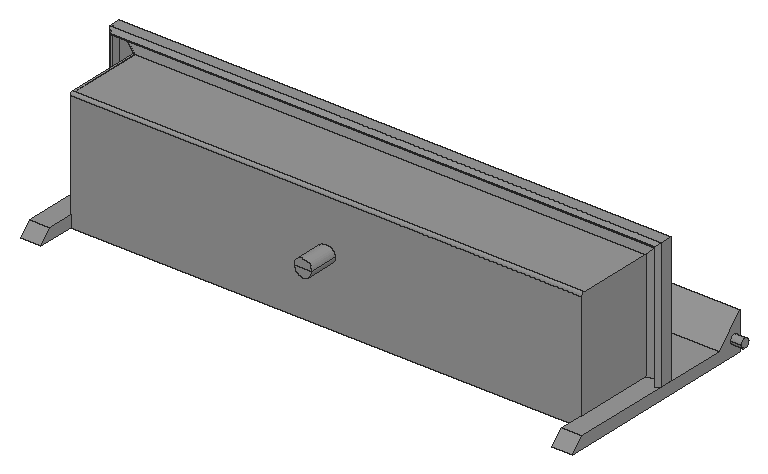
Revit family "Urinal-Willoughby-1800-UW-FA-RS", category Plumbing Fixtures, host Face, Revit 2014
Parameters (values of type "1848")
  Width = 4' - 0"
  Waste DIA = 1 1/2"
  Waste Connection = yes
  Vent Connection = no
  URL = "willoughby-ind.com"
  Trough Width = Width - 0' 3 1/2"  # 3' - 8 1/2"
  Revision = "A"
  Model = "UW-1836-FA-RS"
  Manufacturer = "Willoughby Industries"
  Half Width = Width / 2  # 2' - 0"
  HW Connection = no
  Fixture Body = Stainless Steel AISI 304-Willoughby(2)
  Description = "48\" Trough Urinal"
  Default Elevation = 0' - 0"
  Contact = "800-428-4065"
  CW inlet Diameter = 3/4"
  CW Connection = yes
  96" = no
  72" = no
  60" = no
  48" = yes
  36" = no
Types (6): name | Width | Trough Width | Model | Half Width | Fixture Body | Description | CW inlet Diameter | 96" | 72" | 60" | 48" | 36"
  (no name) | 4' - 0" | 3' - 8 1/2" | "UW-1836-FA-RS" | 2' - 0" | Stainless Steel AISI 304-Willoughby(2) | "48\" Trough Urinal" | 3/4" | no | no | no | yes | no
  1848 | 4' - 0" | 3' - 8 1/2" | "UW-1836-FA-RS" | 2' - 0" | Stainless Steel AISI 304-Willoughby(2) | "48\" Trough Urinal" | 3/4" | no | no | no | yes | no
  1836 | 3' - 0" | 2' - 8 1/2" | "UW-1836-FA-RS" | 1' - 6" | Stainless Steel AISI 304-Willoughby(3) | "36\" Trough Urinal" | 3/4" | no | no | no | no | yes
  1860 | 5' - 0" | 4' - 8 1/2" | "UW-1836-FA-RS" | 2' - 6" | Stainless Steel AISI 304-Willoughby(1) | "60\" Trough Urinal" | 3/4" | no | no | yes | no | no
  1872 | 6' - 0" | 5' - 8 1/2" | "UW-1836-FA-RS" | 3' - 0" | Stainless Steel AISI 304-Willoughby | "72\" Trough Urinal" | 1 1/2" | no | yes | no | no | no
  1896 | 8' - 0" | 7' - 8 1/2" | "UW-1836-FA-TS-RS" | 4' - 0" | Stainless Steel AISI 304-Willoughby(4) | "96\" Trough Urinal" | 1 1/2" | yes | no | no | no | no
Reference planes (in)
  plane 1 "Center (Front/Back)Floor Level": y = 0
  plane 2: z = 0
  plane 3 "Center (Left/Right)": x = 0
  plane 4 "Top Of Urinal": y = 20
  plane 5 "Top Of Unit": y = 28
  plane 6 "Botto Of Unit": y = 13
  plane 7 "Left extent": x = -24
  plane 8 "Right Extent": x = 24
  plane 9: z = 10.5
  plane 10: x = 22.25
  plane 11: x = -22.25
  plane 12 "Drain Center": z = 5.75
  plane 13 "top spud": z = 2.5
  plane 14: x = -22.15625
  plane 15: x = 25
Forms (in)
  Extrusion 1, solid, material "Stainless Steel AISI 304-Willoughby(2)" <- "Fixture Body"
    sketch origin (0, 0, 0) x (0, 1, 0) y (0, 0, 1)
      loop
        line (13, 0) -> (28, 0) -> (28, 3.25) -> (25.75, 1) -> (13, 1) -> (13, 0)
    from -24 to 24
  Extrusion 2, solid, material "Stainless Steel AISI 304-Willoughby(2)" <- "Fixture Body"
    sketch origin (0, 0, 0) x (0, 1, 0) y (0, 0, 1)
      loop
        line (20, 1) -> (20, 10.5) -> (13.25, 10.5)
        arc (13.25, 10.5) -> (13.07322, 10.42678) -> (13, 10.25) r 0.25
        line (13, 10.25) -> (13, 1) -> (20, 1)
    from -22.25 to 22.25
  Sweep 3, solid, material "Stainless Steel AISI 304-Willoughby(2)" <- "Fixture Body", detail levels medium+fine
    path origin (0, 20, 0) x (-1, 0, 0) y (0, 0, 1)
      loop
        line (-22.25, 1) -> (-22.25, 10.5) -> (22.25, 10.5) -> (22.25, 1)
    profile origin (22.25, 20, 5.75) x (1, 0, 0) y (0, 1, 0)
      loop
        line (0, 0) -> (0, -0.09706) -> (1.65625, 0.34673) -> (1.65625, -0.49226) -> (1.33016, -0.81835) -> (1.39645, -0.88464) -> (1.75, -0.53109) -> (1.75, 0.46891) -> (0, 0)
  Extrusion 4, void
    sketch origin (0, 0, 0) x (0, 1, 0) y (0, 0, 1)
      loop
        line (20, 10.45984) -> (13.36653, 10.45984)
        arc (13.36653, 10.45984) -> (13.18975, 10.38661) -> (13.11653, 10.20984) r 0.25
        line (13.11653, 10.20984) -> (13.11653, 1.06937) -> (20, 1.06937) -> (20, 10.45984)
    from -22.15625 to 22.1513
  Revolve 5, solid, material "Stainless Steel AISI 304-Willoughby(2)" <- "Fixture Body", detail levels medium+fine
    sketch origin (0, 0, 5.75) x (1, 0, 0) y (0, 1, 0)
      loop
        line (0, 13.11653) -> (0, 10.5) -> (0.75, 10.5) -> (0.75, 13.11653) -> (0, 13.11653)
      axis (0, 13.11653) -> (0, 10.5)
    angle from 0 to 360
  Extrusion 6, solid, material "Stainless Steel AISI 304-Willoughby(2)" <- "Fixture Body"
    sketch origin (0, 0, 0) x (0, 1, 0) y (0, 0, 1)
      loop
        line (13, 0) -> (13, 1) -> (10.75, 1) -> (9.75, 0) -> (13, 0)
    from -24 to -22.25
  Extrusion 7, solid, material "Stainless Steel AISI 304-Willoughby(2)" <- "Fixture Body"
    sketch origin (0, 0, 0) x (0, 1, 0) y (0, 0, 1)
      loop
        line (13, 1) -> (10.75, 1) -> (9.75, 0) -> (13, 0) -> (13, 1)
    from 22.25 to 24
  Extrusion 8, solid, material "Stainless Steel AISI 304-Willoughby(2)" <- "Fixture Body", detail levels medium+fine
    sketch origin (0, 0, 0) x (0, 1, 0) y (0, 0, 1)
      loop
        circle (27.24511, 1.32678) r 0.375
    from 24 to 25
Cuts and joins
  Extrusion 4 cuts Extrusion 2
  joined: Extrusion 1, Extrusion 2, Extrusion 6, Extrusion 7
  Extrusion 4 cuts Sweep 3
Lines and regions (in)
  symbolic lines
    curve 1: line (-22.25, 9.75, 2.5) -> (-24, 9.75, 2.5)
    curve 2: line (-24, 9.75, 2.5) -> (-24, 28, 2.5)
    curve 3: line (-24, 28, 2.5) -> (24, 28, 2.5)
    curve 4: line (24, 28, 2.5) -> (24, 9.75, 2.5)
    curve 5: line (24, 9.75, 2.5) -> (22.25, 9.75, 2.5)
    curve 6: line (22.25, 9.75, 2.5) -> (22.25, 13, 2.5)
    curve 7: line (22.25, 13, 2.5) -> (-22.25, 13, 2.5)
    curve 8: line (-22.25, 13, 2.5) -> (-22.25, 20, 2.5)
    curve 9: line (-22.25, 20, 2.5) -> (22.25, 20, 2.5)
    curve 10: line (22.25, 20, 2.5) -> (22.25, 13, 2.5)
    curve 17: line (-22.25, 13, 2.5) -> (-22.25, 9.75, 2.5)
    curve 20: line (-24, 20, 0) -> (24, 20, 0)
    curve 21: line (24, 20, 0) -> (24, 20, 12.25)
    curve 22: line (24, 20, 12.25) -> (-24, 20, 12.25)
    curve 23: line (-24, 20, 12.25) -> (-24, 20, 0)
    curve 29: line (0, 9.75, 0) -> (0, 28, 0)
    curve 30: line (0, 28, 0) -> (0, 28, 3.25)
    curve 31: line (0, 28, 3.25) -> (0, 25.75, 1)
    curve 32: line (0, 25.75, 1) -> (0, 10.75, 1)
    curve 33: line (0, 10.75, 1) -> (0, 9.75, 0)
    curve 34: line (0, 20, 1) -> (0, 20, 10.5)
    curve 35: line (0, 20, 10.5) -> (0, 13.25, 10.5)
    curve 36: arc (0, 13.25, 10.5) -> (0, 13.07322, 10.42678) -> (0, 13, 10.25) r 0.25
    curve 37: line (0, 13, 10.25) -> (0, 13, 1)
  symbolic lines, detail levels fine
    curve 11: line (-23.64645, 19.11536, 2.5) -> (23.64645, 19.11536, 2.5)
    curve 12: line (23.64645, 19.11536, 2.5) -> (24, 19.46891, 2.5)
    curve 13: line (24, 20.46891, 2.5) -> (22.25, 20, 2.5)
    curve 14: line (-23.64645, 19.11536, 2.5) -> (-24, 19.46891, 2.5)
    curve 26: line (-22.25, 20, 1) -> (-22.25, 20, 10.5)
    curve 27: line (-22.25, 20, 10.5) -> (22.25, 20, 10.5)
    curve 28: line (22.25, 20, 10.5) -> (22.25, 20, 1)
    curve 42: line (0, 20.46891, 12.25) -> (0, 20, 10.5)
    curve 43: line (0, 19.46891, 12.25) -> (0, 19.46891, 1)
  symbolic lines, detail levels medium+fine
    curve 15: line (-24, 20.46891, 2.5) -> (24, 20.46891, 2.5)
    curve 16: line (-24, 25.75, 2.5) -> (24, 25.75, 2.5)
    curve 18: line (-22.25, 10.75, 2.5) -> (-24, 10.75, 2.5)
    curve 19: line (22.25, 10.75, 2.5) -> (24, 10.75, 2.5)
    curve 24: line (-24, 20, 1) -> (24, 20, 1)
    curve 25: line (24, 20, 3.25) -> (-24, 20, 3.25)
    curve 38: line (0, 20.46891, 1) -> (0, 20.46891, 12.25)
    curve 39: line (0, 20.46891, 12.25) -> (0, 19.46891, 12.25)
    curve 40: line (0, 19.46891, 12.25) -> (0, 19.11536, 11.89645)
    curve 41: line (0, 19.11536, 11.89645) -> (0, 19.11536, 1)
Dimensions and locks (in)
  "Width": plane 7 "Left extent" to plane 8 "Right Extent"
  equal spacing: plane 7 "Left extent", plane 3 "Center (Left/Right)", plane 8 "Right Extent"
  plane 3 "Center (Left/Right)" to plane 8 "Right Extent" = 2' - 0"
  "Trough Width": plane 11 to plane 10
  equal spacing: plane 11, plane 3 "Center (Left/Right)", plane 10
  cut or joined group of Extrusion 1, Extrusion 2, Extrusion 4, Extrusion 6, Extrusion 7 to cut or joined group of Extrusion 1, Extrusion 2, Extrusion 4, Extrusion 6, Extrusion 7 = 0' - 1 3/4"
  locked: cut or joined group of Extrusion 1, Extrusion 2, Extrusion 4, Extrusion 6, Extrusion 7 to cut or joined group of Extrusion 1, Extrusion 2, Extrusion 4, Extrusion 6, Extrusion 7 at 0.0987
  plane 13 "top spud" to cut or joined group of Extrusion 1, Extrusion 2, Extrusion 4, Extrusion 6, Extrusion 7 = 0' - 0 3/4"
  cut or joined group of Extrusion 1, Extrusion 2, Extrusion 4, Extrusion 6, Extrusion 7 to cut or joined group of Extrusion 1, Extrusion 2, Extrusion 4, Extrusion 6, Extrusion 7 = 0' - 1 27/32"
  plane 11 to plane 14 = 0' - 0 3/32"
  locked: plane 8 "Right Extent" to plane 15 at 1
  aligned and locked: plane 2 to host face
  aligned and locked: level to host face
  aligned and locked: Extrusion 1 to level
  aligned and locked: plane 5 "Top Of Unit" to Extrusion 1
  aligned and locked: Extrusion 1 to plane 6 "Botto Of Unit"
  aligned and locked: Extrusion 1 to plane 8 "Right Extent"
  aligned and locked: plane 7 "Left extent" to Extrusion 1
  aligned and locked: plane 9 to Extrusion 2
  aligned and locked: plane 4 "Top Of Urinal" to Extrusion 2
  aligned and locked: Extrusion 2 to Extrusion 1
  aligned and locked: Extrusion 2 to plane 6 "Botto Of Unit"
  aligned and locked: plane 10 to Extrusion 2
  aligned and locked: Extrusion 2 to plane 11
  aligned and locked: plane 4 "Top Of Urinal" to Extrusion 4
  aligned and locked: Extrusion 2 to cut or joined group of Sweep 3, Extrusion 4  (x2)
  aligned and locked: cut or joined group of Extrusion 1, Extrusion 2, Extrusion 4, Extrusion 6, Extrusion 7 to Revolve 5 sketch curve
  aligned and locked: Revolve 5 sketch curve to Revolve 5 sketch curve  (x2)
  aligned and locked: Extrusion 6 to level
  aligned and locked: plane 6 "Botto Of Unit" to Extrusion 6
  aligned and locked: Extrusion 6 to cut or joined group of Extrusion 1, Extrusion 2, Extrusion 4, Extrusion 6, Extrusion 7
  aligned and locked: plane 11 to Extrusion 6
  aligned and locked: plane 7 "Left extent" to Extrusion 6
  aligned and locked: Extrusion 7 to plane 8 "Right Extent"
  aligned and locked: Extrusion 7 to plane 10
  aligned and locked: curve 16 to cut or joined group of Extrusion 1, Extrusion 2, Extrusion 4, Extrusion 6, Extrusion 7
  aligned and locked: Extrusion 4 to plane 14
  aligned and locked: plane 8 "Right Extent" to Extrusion 8
  aligned and locked: Extrusion 8 to plane 15
Automatic sketch dimensions
  host sketch curve to host sketch curve = 6' - 4.33791"
  host sketch curve to host sketch curve = 4' - 9.81011"
  Extrusion 1 sketch curve to level = 0' - 0"
  Extrusion 1 sketch curve to plane 6 "Botto Of Unit" = 0' - 0"
  Extrusion 1 sketch curve to plane 5 "Top Of Unit" = 0' - 0"
  level to Extrusion 1 sketch curve = 0' - 1"
  Extrusion 1 sketch curve to plane 5 "Top Of Unit" = 0' - 2 1/4"
  Extrusion 1 sketch curve to Extrusion 1 sketch curve = 0' - 2 1/4"
  Extrusion 2 sketch curve to plane 6 "Botto Of Unit" = 0' - 0"
  Extrusion 2 sketch curve to plane 9 = 0' - 0"
  Extrusion 2 sketch curve to plane 4 "Top Of Urinal" = 0' - 0"
  plane 6 "Botto Of Unit" to Extrusion 2 sketch curve = 0' - 0 1/4"
  level to Extrusion 2 sketch curve = 0' - 1"
  Sweep 3 sketch curve to plane 10 = 0' - 0"
  Sweep 3 sketch curve to plane 9 = 0' - 0"
  Sweep 3 sketch curve to plane 11 = 0' - 0"
  level to Sweep 3 sketch curve = 0' - 1"  (x2)
  Sweep 3 sketch curve to profile plane = 0' - 0"
  Sweep 3 sketch curve to plane 4 "Top Of Urinal" = 0' - 0"
  Sweep 3 sketch curve to profile plane = 0' - 1.33016"
  Sweep 3 sketch curve to plane 4 "Top Of Urinal" = 0' - 0.88464"
  Sweep 3 sketch curve to Sweep 3 sketch curve = 0' - 0.06629"
  plane 4 "Top Of Urinal" to Sweep 3 sketch curve = 0' - 0.34673"
  Sweep 3 sketch curve to Sweep 3 sketch curve = 0' - 0.32609"
  Sweep 3 sketch curve to plane 4 "Top Of Urinal" = 0' - 0.53109"
  Sweep 3 sketch curve to Sweep 3 sketch curve = 0' - 0 3/32"
  Sweep 3 sketch curve to Sweep 3 sketch curve = 0' - 0.12218"
  Sweep 3 sketch curve to Sweep 3 sketch curve = 0' - 0.09706"
  Extrusion 4 sketch curve to plane 4 "Top Of Urinal" = 0' - 0"
  plane 6 "Botto Of Unit" to Extrusion 4 sketch curve = 0' - 0.36653"
  plane 6 "Botto Of Unit" to Extrusion 4 sketch curve = 0' - 0.11653"
  level to Extrusion 4 sketch curve = 0' - 1.06937"
  Extrusion 4 sketch curve to plane 9 = 0' - 0.29016"
  Revolve 5 sketch curve to plane 3 "Center (Left/Right)" = 0' - 0"
  Revolve 5 sketch curve to Revolve 5 sketch curve = 0' - 0 3/4"
  Revolve 5 sketch curve to plane 6 "Botto Of Unit" = 0' - 2 1/2"
  Revolve 5 sketch curve to Revolve 5 sketch curve = 0' - 0"
  Extrusion 6 sketch curve to level = 0' - 0"
  Extrusion 6 sketch curve to plane 6 "Botto Of Unit" = 0' - 0"
  level to Extrusion 6 sketch curve = 0' - 1"
  Extrusion 6 sketch curve to plane 6 "Botto Of Unit" = 0' - 2 1/4"
  Extrusion 6 sketch curve to Extrusion 6 sketch curve = 0' - 1"
  Extrusion 7 sketch curve to level = 0' - 0"
  Extrusion 7 sketch curve to plane 6 "Botto Of Unit" = 0' - 0"
  Extrusion 7 sketch curve to Extrusion 7 sketch curve = 0' - 1"  (x2)
  Extrusion 7 sketch curve to plane 6 "Botto Of Unit" = 0' - 2 1/4"
  curve 18 to plane 7 "Left extent" = 0' - 0"
  curve 17 to plane 6 "Botto Of Unit" = 0' - 0"
  curve 17 to plane 11 = 0' - 0"
  curve 10 to plane 4 "Top Of Urinal" = 0' - 0"
  curve 19 to plane 10 = 0' - 0"
  curve 15 to plane 8 "Right Extent" = 0' - 0"
  curve 3 to plane 5 "Top Of Unit" = 0' - 0"
  curve 14 to plane 7 "Left extent" = 0' - 0.35355"
  plane 8 "Right Extent" to curve 12 = 0' - 0.35355"
  curve 4 to plane 6 "Botto Of Unit" = 0' - 3 1/4"
  curve 17 to curve 7 = 0' - 3 1/4"
  curve 14 to plane 4 "Top Of Urinal" = 0' - 0.88464"
  plane 4 "Top Of Urinal" to curve 15 = 0' - 0.46891"
  curve 4 to curve 19 = 0' - 1"
  curve 1 to curve 18 = 0' - 1"
  curve 11 to curve 12 = 0' - 0.35355"
  curve 11 to curve 14 = 0' - 0.35355"
  curve 20 to level = 0' - 0"
  plane 8 "Right Extent" to curve 20 = 0' - 0"
  curve 28 to plane 9 = 0' - 0"
  curve 28 to plane 10 = 0' - 0"
  curve 27 to plane 11 = 0' - 0"
  plane 7 "Left extent" to curve 24 = 0' - 0"
  plane 9 to curve 22 = 0' - 1 3/4"
  level to curve 24 = 0' - 1"
  plane 13 "top spud" to curve 25 = 0' - 0 3/4"
  curve 29 to level = 0' - 0"
  curve 37 to plane 6 "Botto Of Unit" = 0' - 0"
  curve 35 to plane 9 = 0' - 0"
  curve 34 to plane 4 "Top Of Urinal" = 0' - 0"
  curve 29 to plane 5 "Top Of Unit" = 0' - 0"
  level to curve 32 = 0' - 1"
  curve 32 to plane 6 "Botto Of Unit" = 0' - 2 1/4"
  curve 33 to curve 32 = 0' - 1"
  plane 6 "Botto Of Unit" to curve 35 = 0' - 0 1/4"
  curve 41 to plane 4 "Top Of Urinal" = 0' - 0.88464"
  curve 40 to curve 40 = 0' - 0.35355"
  plane 4 "Top Of Urinal" to curve 39 = 0' - 0.46891"
  curve 31 to plane 5 "Top Of Unit" = 0' - 2 1/4"
  plane 13 "top spud" to curve 31 = 0' - 0 3/4"
  plane 9 to curve 40 = 0' - 1.39645"
  curve 40 to curve 39 = 0' - 0.35355"
  Extrusion 8 sketch curve to plane 5 "Top Of Unit" = 0' - 0.75489"
  Extrusion 8 sketch curve to plane 13 "top spud" = 0' - 1.17322"
  radius of Extrusion 8 sketch curve = 0' - 0 3/8"
Connectors (in)
  piping at (0, 10.5, 5.75), diameter 1.5, driven by "Waste DIA", driven by "Waste Connection"
    settings: on Revolve 5, index 1, connector inside diameter 24", connector length 0' - 0", flow factor 0, pipe flow 0 GPM, pressure drop 0.00 psi, fitting loss kfactor 0, connector angle 0.00°, fixture units 0, engagement length 0' - 0", angle of deflection 0.00°, flow configuration 0, flow direction 2, fitting loss method 0, system type 16, joint type 0, gender type 0, connector reference index -1, connector utility 1, adjustable connector no, is connector primary yes, connector description "Urinal Waste"
  piping at (25, 27.24511, 1.32678), diameter 0.75, driven by "CW inlet Diameter", driven by "CW Connection"
    settings: on Extrusion 8, index 2, connector inside diameter 24", connector length 0' - 0", flow factor 0, pipe flow 0 GPM, pressure drop 0.00 psi, fitting loss kfactor 0, connector angle 0.00°, fixture units 0, engagement length 0' - 0", angle of deflection 0.00°, flow configuration 0, flow direction 1, fitting loss method 0, system type 20, joint type 0, gender type 0, connector reference index -1, connector utility 1, adjustable connector no, is connector primary no, connector description ""
